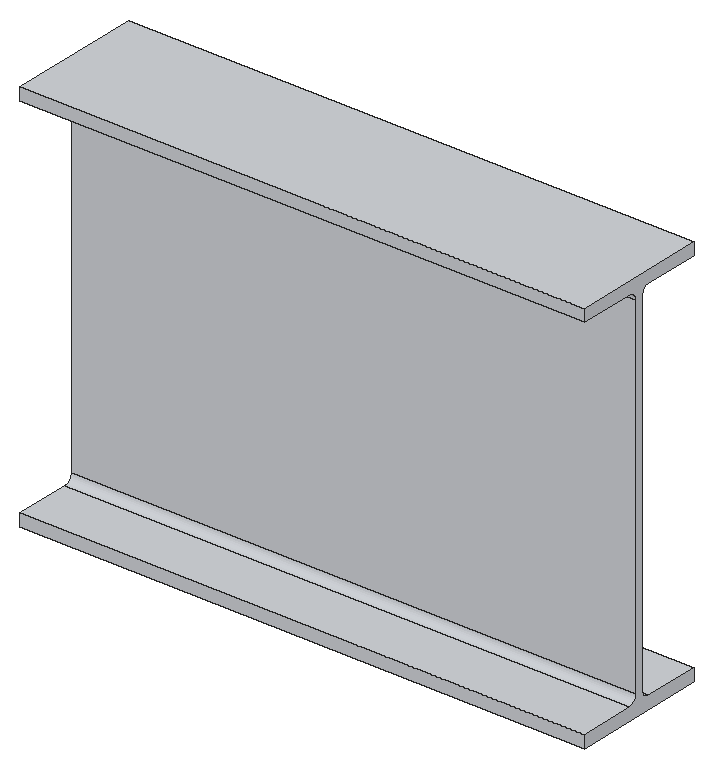
Revit family "UB-Universal Beams2", category Structural Framing, Revit 2012
Parameters (values of type "UB838x292x226")
  Start Extension Calculation [instance] = 3012.5 mm + Start Extension  # 3000 mm
  Start Extension [instance] = -12.5 mm
  Lateral Offset [instance] = 0 mm
  End Extension Calculation [instance] = 3012.5 mm + End Extension  # 3000 mm
  End Extension [instance] = -12.5 mm
  Beam Material [instance] = none
  Assembly Code = ""
  A = 0.029 m²
  Length [instance] = 1500 mm
  W = 2.2212
  bf = 293.8 mm
  d = 850.9 mm
  k = 44.6 mm
  kr = k - tf  # 17.8 mm
  tf = 26.8 mm
  tw = 16.1 mm
Types (4, lengths in mm): name | Beam Material | A | W | bf | d | k | kr | tf | tw
  UB838x292x226 | none | 0.029 m² | 2.2212 | 293.8 | 850.9 | 44.6 | 17.8 | 26.8 | 16.1
  UB457x152x67 | none | 0.009 m² | 0.65901 | 151.9 | 457.2 | 25.2 | 10.2 | 15 | 9.1
  UB127x76x13 | none | 0.002 m² | 0.12749 | 76.2 | 127 | 15.2 | 7.6 | 7.6 | 4.2
  UB305x127x37 | Metal - Steel - 345 MPa | 0.005 m² | 0.36285 | 123.5 | 303.8 | 19.6 | 8.9 | 10.7 | 7.2
Reference planes
  plane 1 "Center (Front/Back)": y = 0
  plane 2: z = 0
  plane 3 "Center (Left/Right)": x = 4.61
  plane 4 "Member Left": x = -604.99
  plane 5 "Member Right": x = 614.21
  plane 6: y = 146.9
  plane 7: y = -146.9
  plane 8 "Top": z = 425.45
  plane 9: z = -425.45
  plane 10 "Left": x = -757.39
  plane 11 "Right": x = 742.61
  plane 12: x = -604.99
  plane 13: x = 614.21
  plane 14: x = 2395.01
  plane 15: x = -2385.79
Forms (mm)
  Sweep 1, solid, material <- "Beam Material", detail levels medium
    path origin (0, 0, 0) x (1, 0, 0) y (0, 1, 0)
      loop
        line (614.21, 0) -> (-604.99, 0)
    profile "M_W-Wide Flange-Profile-Medium : M_W-Wide Flange-Profile-Medium" origin (4.61, 0, 0) x (0, -1, 0) y (0, 0, 1)
      loop
        line (-146.9, -425.45) -> (146.9, -425.45) -> (146.9, -398.65) -> (8.05, -398.65) -> (8.05, 398.65) -> (146.9, 398.65) -> (146.9, 425.45) -> (-146.9, 425.45) -> (-146.9, 398.65) -> (-8.05, 398.65) -> (-8.05, -398.65) -> (-146.9, -398.65) -> (-146.9, -425.45)
  Sweep 2, solid, material <- "Beam Material", detail levels fine
    path origin (0, 0, 0) x (1, 0, 0) y (0, 1, 0)
      loop
        line (614.21, 0) -> (-604.99, 0)
    profile "M_W-Wide Flange-Profile-Fine : M_W-Wide Flange-Profile-Fine" origin (4.61, 0, 0) x (0, -1, 0) y (0, 0, 1)
      loop
        line (-146.9, -425.45) -> (146.9, -425.45) -> (146.9, -398.65) -> (25.85, -398.65)
        arc (25.85, -398.65) -> (13.263, -393.437) -> (8.05, -380.85) r 17.8
        line (8.05, -380.85) -> (8.05, 380.85)
        arc (8.05, 380.85) -> (13.263, 393.437) -> (25.85, 398.65) r 17.8
        line (25.85, 398.65) -> (146.9, 398.65) -> (146.9, 425.45) -> (-146.9, 425.45) -> (-146.9, 398.65) -> (-25.85, 398.65)
        arc (-25.85, 398.65) -> (-13.263, 393.437) -> (-8.05, 380.85) r 17.8
        line (-8.05, 380.85) -> (-8.05, -380.85)
        arc (-8.05, -380.85) -> (-13.263, -393.437) -> (-25.85, -398.65) r 17.8
        line (-25.85, -398.65) -> (-146.9, -398.65) -> (-146.9, -425.45)
Lines and regions (mm)
  symbolic lines, style "Hidden Faces", detail levels medium+fine
    curve 1: line (614.21, -8.05, 0) -> (-604.99, -8.05, 0)
    curve 2: line (614.21, 8.05, 0) -> (-604.99, 8.05, 0)
  symbolic lines, style "Stick Symbols", detail levels coarse
    curve 3: line (4.61, 146.9, 425.45) -> (4.61, -146.9, 425.45)
    curve 4: line (4.61, -146.9, -425.45) -> (4.61, 146.9, -425.45)
    curve 5: line (4.61, 0, 425.45) -> (4.61, 0, -425.45)
Dimensions and locks
  "bf": plane 6 to plane 7
  "d": plane 9 to plane 8 "Top"
  equal spacing: plane 9, plane 2, plane 8 "Top"
  equal spacing: plane 6, plane 1 "Center (Front/Back)", plane 7
  "Length": plane 10 "Left" to plane 11 "Right"
  "tw": curve 2 to curve 1
  equal spacing: curve 2, plane 1 "Center (Front/Back)", curve 1
  locked: plane 4 "Member Left" to plane 14 at 3000
  locked: plane 15 to plane 5 "Member Right" at 3000
  "End Extension Calculation": plane 15 to plane 13
  "Start Extension Calculation": plane 12 to plane 14
  aligned and locked: Sweep 1 sketch curve to plane 1 "Center (Front/Back)"
  aligned and locked: Sweep 2 sketch curve to plane 1 "Center (Front/Back)"
  aligned and locked: Sweep 2 to curve 3  (x2)
  aligned and locked: Sweep 2 to curve 4  (x2)
  aligned and locked: curve 3 to Sweep 2
  aligned and locked: curve 4 to Sweep 2
  aligned and locked: plane 12 to Sweep 2 sketch curve
  aligned and locked: plane 13 to Sweep 2 sketch curve
  aligned and locked: plane 12 to Sweep 1 sketch curve
  aligned and locked: plane 13 to Sweep 1 sketch curve
  aligned and locked: plane 12 to curve 2
  aligned and locked: plane 12 to curve 1
  aligned and locked: plane 13 to curve 2
  aligned and locked: plane 13 to curve 1
Automatic sketch dimensions
  curve 5 to plane 1 "Center (Front/Back)" = 0 mm
